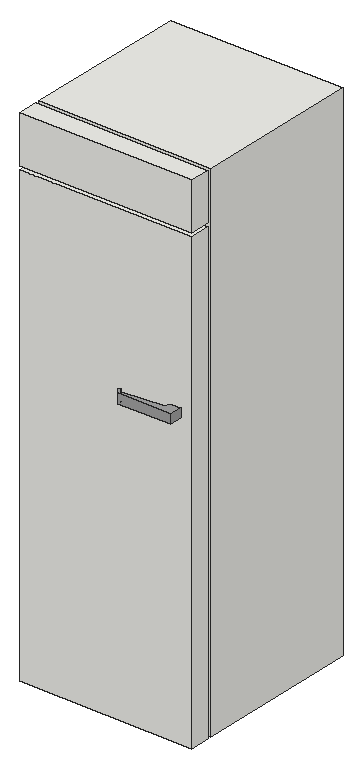
Revit family
Parameters (values of type "600 x 660mm")
  Label = "F"
  Depth = 660.00 mm
  Description = ""
  Height = 1830.00 mm
  Material = Metal - Paint Finish - Ivory, Matte
  Width = 600.00 mm
  Assembly Code = ""
Reference planes
  plane 1 "Center (Front/Back)": y = -33.785
  plane 2: z = 0
  plane 3 "Center (Left/Right)": x = -53.801
  plane 4: x = -353.801
  plane 5: x = 246.199
  plane 6: y = 296.215
  plane 7: y = -363.785
  plane 8: z = 1830
  plane 9 "handle": z = 1087.803
Forms (mm)
  Extrusion 1, solid, material "Metal - Paint Finish - Ivory, Matte" <- "Material"
    sketch origin (0, -363.785, 0) x (1, 0, 0) y (0, 0, 1)
      loop
        line (-353.801, 1830) -> (-353.801, 50.8) -> (246.199, 50.8) -> (246.199, 1830) -> (-353.801, 1830)
      loop
        line (-328.401, 1626.8) -> (-328.401, 431.8) -> (220.799, 431.8) -> (220.799, 1626.8) -> (-328.401, 1626.8)
    from -82.55 to -660
  Extrusion 2, solid, material "Metal - Paint Finish - Ivory, Matte"
    sketch origin (0, 296.215, 0) x (1, 0, 0) y (0, 0, 1)
      loop
        line (-328.401, 1804.6) -> (-328.401, 152.4) -> (220.799, 152.4) -> (220.799, 1804.6) -> (-328.401, 1804.6)
    from 0 to 25.4
  Extrusion 3, solid, material "Metal - Paint Finish - Ivory, Matte" <- "Material"
    sketch origin (0, -363.785, 0) x (1, 0, 0) y (0, 0, 1)
      loop
        line (-353.801, 1652.2) -> (-353.801, 50.8) -> (246.199, 50.8) -> (246.199, 1652.2) -> (-353.801, 1652.2)
      loop
        line (-353.801, 1830) -> (-353.801, 1664.9) -> (246.199, 1664.9) -> (246.199, 1830) -> (-353.801, 1830)
    from -69.85 to 0
  Extrusion 4, solid, material "Metal - Chrome"
    sketch origin (0, 0, 0) x (1, 0, 0) y (0, 1, 0)
      loop
        circle (-271.251, 220.015) r 25.4
      loop
        circle (163.649, 220.015) r 25.4
      loop
        circle (-271.251, -236.785) r 25.4
      loop
        circle (163.649, -236.785) r 25.4
    from 0 to 50.8
  Extrusion 5, solid, material "Metal - Chrome"
    sketch origin (0, 0, 1087.803) x (-1, 0, 0) y (0, -1, 0)
      loop
        line (-208.099, 363.785) -> (-168.924, 363.785) -> (-168.924, 383.036) -> (-25.176, 398.254) -> (-15.227, 384.747) -> (-8.724, 389.537) -> (-22.399, 408.104) -> (-208.099, 408.104) -> (-208.099, 363.785)
    from -15.875 to 15.875
Lines and regions (mm)
  Masking region 1
    outline origin (0, 0, 0) x (1, 0, 0) y (0, 1, 0)
      loop
        line (-353.801, -363.785) -> (246.199, -363.785) -> (246.199, 296.215) -> (-353.801, 296.215) -> (-353.801, -363.785)
  symbolic lines
    curve 1: line (246.199, -287.585, 0) -> (-353.801, -287.585, 0)
    curve 2: line (-353.801, -363.785, 0) -> (246.199, -363.785, 0)
    curve 3: line (-353.801, -287.585, 0) -> (-353.801, -363.785, 0)
    curve 5: line (246.199, -363.785, 0) -> (246.199, -287.585, 0)
  symbolic lines, style "SpecialityEquipment"
    curve 4: line (246.199, -287.585, 0) -> (-353.801, -287.585, 0)
    curve 14: line (246.199, -290.76, 0) -> (-353.801, -290.76, 0)
  symbolic lines, style "Dashed", detail levels medium+fine
    curve 6: line (184.325, -629.154, 0) -> (-353.801, -363.785, 0)
    curve 15: arc (246.199, -363.785, 0) -> (230.526, -500.028, 0) -> (184.325, -629.154, 0) r 600
  model lines, detail levels medium+fine
    curve 7: line (-341.101, -363.785, 1728.4) -> (-341.101, -363.785, 1830)
    curve 8: line (233.13, -363.785, 1728.4) -> (-341.101, -363.785, 1728.4)
    curve 9: line (233.13, -363.785, 1830) -> (233.13, -363.785, 1728.4)
    curve 10: line (173.682, -363.785, 1705.804) -> (127.789, -363.785, 1705.804)
    curve 11: line (173.682, -363.785, 1685.592) -> (173.682, -363.785, 1705.804)
    curve 12: line (127.789, -363.785, 1685.592) -> (173.682, -363.785, 1685.592)
    curve 13: line (127.789, -363.785, 1705.804) -> (127.789, -363.785, 1685.592)
Dimensions and locks
  equal spacing: plane 4, plane 3 "Center (Left/Right)", plane 5
  "Width": plane 4 to plane 5
  equal spacing: plane 7, plane 1 "Center (Front/Back)", plane 6
  "Depth": plane 7 to plane 6
  "Height": plane 8 to plane 2
  aligned and locked: Extrusion 1 to plane 6
  aligned and locked: plane 3 "Center (Left/Right)" to nested 1
  aligned and locked: plane 1 "Center (Front/Back)" to nested 1
Automatic sketch dimensions
  Extrusion 2 sketch curve to plane 4 = 25.40 mm
  plane 5 to Extrusion 2 sketch curve = 25.40 mm
  level to Extrusion 2 sketch curve = 152.40 mm
  plane 8 to Extrusion 2 sketch curve = 25.40 mm
  Extrusion 4 sketch curve to Extrusion 4 sketch curve = 25.40 mm  (x4)
  curve 7 to plane 8 = 0.00 mm
  curve 9 to plane 8 = 0.00 mm
  curve 7 to plane 4 = 12.70 mm
  plane 3 "Center (Left/Right)" to curve 12 = 181.59 mm
  plane 5 to curve 12 = 72.517 mm
  plane 5 to curve 8 = 13.069 mm
  plane 8 to curve 8 = 101.60 mm
  curve 11 to curve 8 = 22.596 mm
  curve 12 to curve 10 = 20.212 mm
  Extrusion 5 sketch curve to plane 7 = 0.00 mm
  plane 5 to Extrusion 5 sketch curve = 38.10 mm
  Extrusion 5 sketch curve to Extrusion 5 sketch curve = 39.175 mm
  plane 7 to Extrusion 5 sketch curve = 34.469 mm
  plane 3 "Center (Left/Right)" to Extrusion 5 sketch curve = 78.977 mm
  Extrusion 5 sketch curve to Extrusion 5 sketch curve = 2.777 mm
  plane 7 to Extrusion 5 sketch curve = 20.962 mm
  Extrusion 5 sketch curve to Extrusion 5 sketch curve = 9.948 mm
  plane 7 to Extrusion 5 sketch curve = 25.752 mm
  Extrusion 5 sketch curve to Extrusion 5 sketch curve = 19.251 mm
  curve 15 to plane 4 = 0.00 mm
  curve 5 to plane 7 = 0.00 mm
  plane 5 to curve 15 = 61.874 mm
  curve 6 to curve 15 = 0.00 mm  (x2)
  curve 14 to plane 7 = 73.025 mm
  curve 14 to curve 1 = 3.175 mm
  Extrusion 1 sketch curve to plane 4 = 0.00 mm
  Extrusion 1 sketch curve to plane 5 = 0.00 mm
  Extrusion 1 sketch curve to plane 8 = 0.00 mm
  Extrusion 1 sketch curve to plane 4 = 25.40 mm
  plane 5 to Extrusion 1 sketch curve = 25.40 mm
  plane 8 to Extrusion 1 sketch curve = 203.20 mm
  level to Extrusion 1 sketch curve = 431.80 mm
  level to Extrusion 1 sketch curve = 50.80 mm
  Extrusion 4 sketch curve to plane 4 = 107.95 mm  (x2)
  plane 5 to Extrusion 4 sketch curve = 107.95 mm  (x2)
  plane 6 to Extrusion 4 sketch curve = 76.20 mm  (x2)
  Extrusion 4 sketch curve to plane 7 = 127.00 mm  (x2)
  Extrusion 3 sketch curve to plane 4 = 0.00 mm  (x2)
  Extrusion 3 sketch curve to plane 5 = 0.00 mm  (x2)
  Extrusion 3 sketch curve to plane 8 = 0.00 mm
  plane 8 to Extrusion 3 sketch curve = 165.10 mm
  Extrusion 3 sketch curve to Extrusion 3 sketch curve = 12.70 mm
  level to Extrusion 3 sketch curve = 50.80 mm
  curve 4 to plane 4 = 0.00 mm
  curve 14 to plane 4 = 0.00 mm
  curve 4 to plane 5 = 0.00 mm
  curve 14 to plane 5 = 0.00 mm
  curve 15 to plane 5 = 0.00 mm
  curve 15 to plane 7 = 0.00 mm
  Masking region 1 sketch curve to plane 4 = 0.00 mm
  Masking region 1 sketch curve to plane 5 = 0.00 mm
  Masking region 1 sketch curve to plane 7 = 0.00 mm
  Masking region 1 sketch curve to plane 6 = 0.00 mm
Nested families
  nested 1: "Label Annotation (M)" at (-53.801, -33.785, 0), type "Label Annotation (M)", detail levels medium+fine
Definition of nested family "Label Annotation (M)"
  Parameters
    Label = ""
  Reference planes
    plane 1: y = 0
    plane 2: x = 0
  Text (mm)
    label "Label" at (0.007, 0.129, 0), shows "Label"
